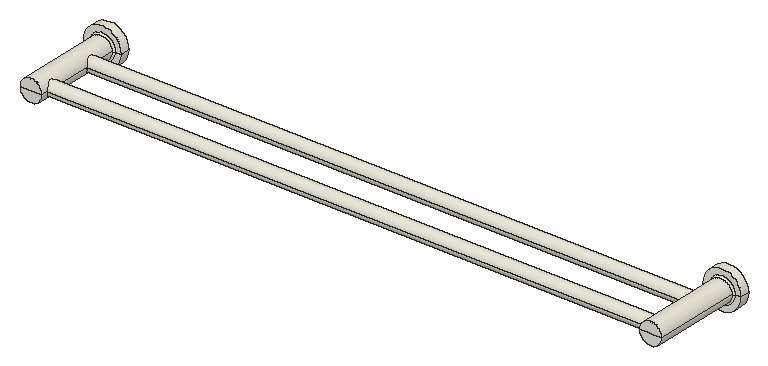
Revit family "Reece_Accessory_Sussex_Scala_Double Towel Rail", category Plumbing Fixtures, Revit 2018
Family settings
  Round Connector Dimension = Use Diameter
  Part Type = Normal
  Work Plane-Based = Yes
  Always vertical = Yes
  Cut with Voids When Loaded = Yes
  Shared = Yes
  Room Calculation Point = Yes
Parameters (values of type "700 mm_PVD Brushed Platinum Gold")
  URL = "https://www.reece.com.au/product/-2268339"
  Type Comments = "Accessory\r\n"
  Reece_Product_Web Page = "https://www.reece.com.au/product/-2268339"
  Reece_Product_Type = "Accessory\r\n"  # constant formula
  Reece_Product_Sub Brand = "Scala"  # constant formula
  Reece_Product_Number = "2268339"
  Reece_Product_Mount = "Wall Mounted"
  Reece_Product_Description = "Sussex Scala Double Towel Rail 700mm LUX PVD Brushed Platinum Gold"
  Reece_Product_Brand = "Sussex"  # constant formula
  Reece_Overall_Width = Reece_Fixing_Point + 42.5 mm  # 737.5 mm
  Reece_Overall_Projection = 110 mm  # constant formula
  Reece_Material_Main = Reece_PVD_Brushed_Platinum Gold
  Reece_Height_From_Level [instance] = 800 mm
  Reece_Fixing_Point = 695 mm
  Reece_Detail_Installation = ""
  Reece_Detail_Disclaimer = "THIS FILE IS THE PROPERTY OF THE REECE GROUP. IT MAY NOT BE REPRODUCED, REVERSE-ENGINEERED OR MODIFIED. ANY REPUBLICATION, TRANSMISSION OR DISTRIBUTION FOR THE PURPOSE OF COMMERCIALLY EXPLOITING THE FILES IS PROHIBITED."  # constant formula
  Reece_Detail_Additional = "Double Towel Rail"  # constant formula
  Model = "Scala"
  Manufacturer = "Sussex"
  Keynote = "Product #2268339, Reece_Accessory_Sussex_Scala_Double Towel Rail - 700 mm_PVD Brushed Platinum Gold"
  Disclaimer = "THIS FILE IS THE PROPERTY OF THE REECE GROUP. IT MAY NOT BE REPRODUCED, REVERSE-ENGINEERED OR MODIFIED. ANY REPUBLICATION, TRANSMISSION OR DISTRIBUTION FOR THE PURPOSE OF COMMERCIALLY EXPLOITING THE FILES IS PROHIBITED."  # constant formula
  Description = "Scala Double Towel Rail 700mm LUX PVD Brushed Platinum Gold"
  Default Elevation = 0 mm
Types (11, lengths in mm): name | URL | Reece_Product_Web Page | Reece_Product_Number | Reece_Product_Description | Reece_Overall_Width | Reece_Material_Main | Reece_Fixing_Point | Keynote | Description
  900 mm_Brushed Nickel | "https://www.reece.com.au/product/-2263250" | "https://www.reece.com.au/product/-2263250" | "2263250" | "Sussex Scala Double Towel Rail 900mm Brushed Nickel" | 937.5 | Reece_Brass_Brushed Nickel | 895 | "Product #2263250, Reece_Accessory_Sussex_Scala_Double Towel Rail - 900 mm_Brushed Nickel" | "Scala Double Towel Rail 900mm Brushed Nickel"
  900 mm_Chrome | "https://www.reece.com.au/product/-2261354" | "https://www.reece.com.au/product/-2261354" | "2261354" | "Sussex Scala Double Towel Rail 900mm Chrome" | 937.5 | Reece_Brass_Chrome | 895 | "Product #2261354, Reece_Accessory_Sussex_Scala_Double Towel Rail - 900 mm_Chrome" | "Scala Double Towel Rail 900mm Chrome"
  900 mm_PVD Brushed Platinum Gold | "https://www.reece.com.au/product/-2268340" | "https://www.reece.com.au/product/-2268340" | "2268340" | "Sussex Scala Double Towel Rail 900mm LUX PVD Brushed Platinum Gold" | 937.5 | Reece_PVD_Brushed_Platinum Gold | 895 | "Product #2268340, Reece_Accessory_Sussex_Scala_Double Towel Rail - 900 mm_PVD Brushed Platinum Gold" | "Scala Double Towel Rail 900mm LUX PVD Brushed Platinum Gold"
  900 mm_Matte Black | "https://www.reece.com.au/product/-2268115" | "https://www.reece.com.au/product/-2268115" | "2268115" | "Sussex Scala Double Towel Rail 900mm Matte Black" | 937.5 | Reece_Brass_Matte Black | 895 | "Product #2268115, Reece_Accessory_Sussex_Scala_Double Towel Rail - 900 mm_Matte Black" | "Scala Double Towel Rail 900mm Matte Black"
  900 mm_Satin Chrome | "https://www.reece.com.au/product/-2261384" | "https://www.reece.com.au/product/-2261384" | "2261384" | "Sussex Scala Double Towel Rail 900mm Satin Chrome" | 937.5 | Reece_Brass_Satin Chrome | 895 | "Product #2261384, Reece_Accessory_Sussex_Scala_Double Towel Rail - 900 mm_Satin Chrome" | "Scala Double Towel Rail 900mm Satin Chrome"
  700 mm_Brushed Nickel | "https://www.reece.com.au/product/-2263249" | "https://www.reece.com.au/product/-2263249" | "2263249" | "Sussex Scala Double Towel Rail 700mm Brushed Nickel" | 737.5 | Reece_Brass_Brushed Nickel | 695 | "Product #2263249, Reece_Accessory_Sussex_Scala_Double Towel Rail - 700 mm_Brushed Nickel" | "Scala Double Towel Rail 700mm Brushed Nickel"
  700 mm_Chrome | "https://www.reece.com.au/product/-2261353" | "https://www.reece.com.au/product/-2261353" | "2261353" | "Sussex Scala Double Towel Rail 700mm Chrome" | 737.5 | Reece_Brass_Chrome | 695 | "Product #2261353, Reece_Accessory_Sussex_Scala_Double Towel Rail - 700 mm_Chrome" | "Scala Double Towel Rail 700mm Chrome"
  700 mm_Living Rustic Bronze | "https://www.reece.com.au/product/-2299581" | "https://www.reece.com.au/product/-2299581" | "2299581" | "Sussex Scala Double Towel Rail 700mm Living Rustic Bronze" | 737.5 | Reece_Metal_Bronze_Living Rustic | 695 | "Product #2299581, Reece_Accessory_Sussex_Scala_Double Towel Rail - 700 mm_Living Rustic Bronze" | "Scala Double Towel Rail 700mm Living Rustic Bronze"
  700 mm_PVD Brushed Platinum Gold | "https://www.reece.com.au/product/-2268339" | "https://www.reece.com.au/product/-2268339" | "2268339" | "Sussex Scala Double Towel Rail 700mm LUX PVD Brushed Platinum Gold" | 737.5 | Reece_PVD_Brushed_Platinum Gold | 695 | "Product #2268339, Reece_Accessory_Sussex_Scala_Double Towel Rail - 700 mm_PVD Brushed Platinum Gold" | "Scala Double Towel Rail 700mm LUX PVD Brushed Platinum Gold"
  700 mm_Matte Black | "https://www.reece.com.au/product/-2268114" | "https://www.reece.com.au/product/-2268114" | "2268114" | "Sussex Scala Double Towel Rail 700mm Matte Black" | 737.5 | Reece_Brass_Matte Black | 695 | "Product #2268114, Reece_Accessory_Sussex_Scala_Double Towel Rail - 700 mm_Matte Black" | "Scala Double Towel Rail 700mm Matte Black"
  700 mm_Satin Chrome | "https://www.reece.com.au/product/-2261383" | "https://www.reece.com.au/product/-2261383" | "2261383" | "Sussex Scala Double Towel Rail 700mm Satin Chrome" | 737.5 | Reece_Brass_Satin Chrome | 695 | "Product #2261383, Reece_Accessory_Sussex_Scala_Double Towel Rail - 700 mm_Satin Chrome" | "Scala Double Towel Rail 700mm Satin Chrome"
Reference planes
  plane 1 "Center (Front/Back)": y = 0
  plane 2 "Bottom Host Plane": z = 0
  plane 3 "Center (Left/Right)": x = 0
  plane 4: x = -347.5
  plane 5: x = 347.5
  plane 6: y = -110
  plane 7 "Rail Height": z = 800
  plane 8: z = -5
  plane 9: x = 368.75
  plane 10: x = -368.75
  plane 11: y = -40
  plane 12: y = -95
Forms (mm)
  Revolve 1, solid, material "Reece_PVD_Brushed_Platinum Gold" <- "Reece_Material_Main"
    sketch origin (0, 0, 800) x (1, 0, 0) y (0, -1, 0)
      loop
        arc (361.746, 10) -> (360.332, 10.586) -> (359.746, 12) r 2
        line (359.746, 12) -> (359.746, 110) -> (347.5, 110) -> (347.5, 0) -> (368.75, 0) -> (368.75, 10) -> (361.746, 10)
      axis (347.5, 0) -> (347.5, 110)
    angle from 0 to 360
  Sweep 2, solid, material "Reece_PVD_Brushed_Platinum Gold" <- "Reece_Material_Main"
    path origin (0, -286.321, 800) x (-1, 0, 0) y (0, -1, 0)
      loop
        line (347.5, -246.321) -> (-347.5, -246.321)
    profile origin (0, -40, 800) x (0, 1, 0) y (0, 0, 1)
      loop
        circle (0, 0) r 8
  Sweep 3, solid, material "Reece_PVD_Brushed_Platinum Gold" <- "Reece_Material_Main"
    path origin (0, -295.618, 800) x (-1, 0, 0) y (0, -1, 0)
      loop
        line (347.5, -200.618) -> (-347.5, -200.618)
    profile origin (0, -95, 800) x (0, 1, 0) y (0, 0, 1)
      loop
        circle (0, 0) r 8
  Revolve 4, solid, material "Reece_PVD_Brushed_Platinum Gold" <- "Reece_Material_Main"
    sketch origin (0, 0, 800) x (-1, 0, 0) y (0, -1, 0)
      loop
        arc (361.746, 10) -> (360.332, 10.586) -> (359.746, 12) r 2
        line (359.746, 12) -> (359.746, 110) -> (347.5, 110) -> (347.5, 0) -> (368.75, 0) -> (368.75, 10) -> (361.746, 10)
      axis (347.5, 0) -> (347.5, 110)
    angle from 0 to 360
Cuts and joins
  joined: Revolve 1, Sweep 2, Sweep 3, Revolve 4
Lines and regions (mm)
  model lines, style "InvisibleLines"
    curve 1: line (0, 0, -5) -> (0, 0, 800)
Text (mm)
  text "Reece ©" at (2566.678, -1893.132, 3557.003), in view "Reece Preview"
  text "Reece Copyright © 2018, Reece Ltd." at (530.89, -231.255, 0), in view "Ref. Level"
Dimensions and locks
  locked: plane 2 "Bottom Host Plane" to level
  plane 4 to plane 5 = 695 mm
  "Reece_Fixing_Point": plane 5 to plane 4
  equal spacing: plane 5, plane 3 "Center (Left/Right)", plane 4
  "Reece_Overall_Projection": plane 1 "Center (Front/Back)" to plane 6
  locked: plane 8 to plane 2 "Bottom Host Plane" at 5
  equal spacing: plane 4, plane 3 "Center (Left/Right)", plane 5
  plane 10 to plane 9 = 737.5 mm
  "Reece_Overall_Width": plane 9 to plane 10
  equal spacing: plane 9, plane 3 "Center (Left/Right)", plane 10
  plane 6 to plane 1 "Center (Front/Back)" = 110 mm
  plane 12 to plane 11 = 55 mm
  "Reece_Height_From_Level": level to plane 7 "Rail Height"
  aligned and locked: plane 4 to Sweep 2 sketch curve
  aligned and locked: plane 5 to Sweep 2 sketch curve
  aligned and locked: plane 4 to Sweep 3 sketch curve
  aligned and locked: plane 5 to Sweep 3 sketch curve
  aligned and locked: plane 3 "Center (Left/Right)" to curve 1
  aligned and locked: plane 7 "Rail Height" to curve 1
  aligned and locked: plane 8 to curve 1
Automatic sketch dimensions
  Revolve 1 sketch curve to plane 5 = 0 mm  (x2)
  plane 1 "Center (Front/Back)" to Revolve 1 sketch curve = 0 mm
  plane 6 to Revolve 1 sketch curve = 0 mm
  Revolve 1 sketch curve to plane 9 = 0 mm
  plane 9 to Revolve 1 sketch curve = 9.004 mm
  Revolve 1 sketch curve to Revolve 1 sketch curve = 2 mm
  Revolve 1 sketch curve to plane 1 "Center (Front/Back)" = 10 mm
  plane 1 "Center (Front/Back)" to Revolve 1 sketch curve = 34.168 mm
  Revolve 1 sketch curve to plane 6 = 30.832 mm
  plane 11 to Sweep 2 sketch curve = 0 mm
  plane 7 "Rail Height" to Sweep 2 sketch curve = 0 mm
  Sweep 2 sketch curve to profile plane = 0 mm
  plane 12 to Sweep 3 sketch curve = 0 mm
  plane 7 "Rail Height" to Sweep 3 sketch curve = 0 mm
  Sweep 3 sketch curve to profile plane = 0 mm
  Revolve 4 sketch curve to plane 4 = 0 mm  (x2)
  plane 1 "Center (Front/Back)" to Revolve 4 sketch curve = 0 mm
  plane 6 to Revolve 4 sketch curve = 0 mm
  Revolve 4 sketch curve to plane 10 = 0 mm
  plane 10 to Revolve 4 sketch curve = 9.004 mm
  Revolve 4 sketch curve to Revolve 4 sketch curve = 2 mm
  plane 1 "Center (Front/Back)" to Revolve 4 sketch curve = 10 mm
  Revolve 4 sketch curve to plane 1 "Center (Front/Back)" = 34.168 mm
  plane 6 to Revolve 4 sketch curve = 30.832 mm
  radius of Sweep 2 sketch curve = 8 mm
  radius of Sweep 3 sketch curve = 8 mm
